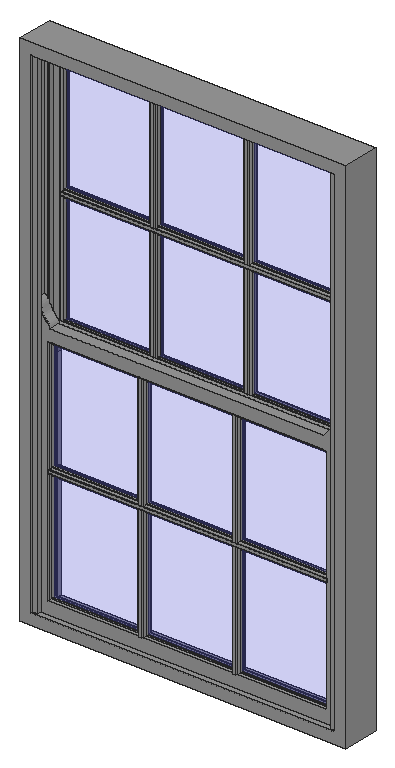
Revit family "HMEL6SP", category Windows, host Wall, Revit 2015
Parameters (values of type "HMEL6SP")
  Height = 2000 mm
  Default Lintel Height = 2100 mm
  Wall Closure = By host
  Width = 1250 mm
Reference planes
  plane 1 "Center (Front/Back)": y = 0
  plane 2 "Center (Left/Right)": x = 0
  plane 3 "Left": x = -625
  plane 4 "Right": x = 625
  plane 5 "Sill": z = 100
  plane 6 "Head": z = 2100
  plane 7 "Exterior": y = 100
  plane 8 "Interior": y = -100
  plane 9: y = -28.5
  plane 10: y = 23.5
  plane 11: z = 1100
  plane 12: z = 1128.5
  plane 13: z = 1071.5
Forms (mm)
  Sweep 1, solid, material "Lauan, Meranti"
    path origin (-10500, 23.5, 2100) x (0, 0, -1) y (-1, 0, 0)
      loop
        line (0, -11125) -> (2000, -11125) -> (2000, -9875) -> (0, -9875) -> (0, -11125)
    profile origin (0, 23.5, 2100) x (0, 0, 1) y (0, 1, 0)
      loop
        line (0, 46.5) -> (-42, 46.5) -> (-42, -93.5) -> (0, -93.5) -> (0, 46.5)
  Extrusion 2, solid, material "Lauan, Meranti"
    sketch origin (-10450, 7.5, 1562.5) x (0, 0, -1) y (-1, 0, 0)
      loop
        line (491, -10976) -> (491, -11033) -> (576, -11033)
        spline (576, -11033) -> (568.022, -11020.331) -> (558.494, -11013.581) -> (548.752, -11010.386) -> (540.116, -11008.399) -> (533.202, -11006.197) -> (527.644, -11003.636) -> (523.005, -11000.669) -> (518.783, -10997.149) -> (514.297, -10992.644) -> (508.83, -10986.691) -> (501.472, -10980.147) -> (491, -10976)
      loop
        spline (491, -9924) -> (501.472, -9919.853) -> (508.83, -9913.309) -> (514.297, -9907.356) -> (518.783, -9902.851) -> (523.005, -9899.331) -> (527.644, -9896.364) -> (533.202, -9893.803) -> (540.116, -9891.601) -> (548.752, -9889.614) -> (558.494, -9886.419) -> (568.022, -9879.669) -> (576, -9867)
        line (576, -9867) -> (491, -9867) -> (491, -9924)
    from 0 to 42
  Extrusion 3, solid, material "Lauan, Meranti"
    sketch origin (-10450, -49.5, 637.5) x (0, 0, 1) y (1, 0, 0)
      loop
        spline (491, 10976) -> (501.472, 10980.147) -> (508.83, 10986.691) -> (514.297, 10992.644) -> (518.783, 10997.149) -> (523.005, 11000.669) -> (527.644, 11003.636) -> (533.202, 11006.197) -> (540.116, 11008.399) -> (548.752, 11010.386) -> (558.494, 11013.581) -> (568.022, 11020.331) -> (576, 11033)
        line (576, 11033) -> (491, 11033) -> (491, 10976)
      loop
        line (491, 9924) -> (491, 9867) -> (576, 9867)
        spline (576, 9867) -> (568.022, 9879.669) -> (558.494, 9886.419) -> (548.752, 9889.614) -> (540.116, 9891.601) -> (533.202, 9893.803) -> (527.644, 9896.364) -> (523.005, 9899.331) -> (518.783, 9902.851) -> (514.297, 9907.356) -> (508.83, 9913.309) -> (501.472, 9919.853) -> (491, 9924)
    from 0 to 42
  Extrusion 4, solid, material "Lauan, Meranti"
    sketch origin (-350, 0, -550) x (0, -1, 0) y (0, 0, 1)
      loop
        line (7.5, 1678.5) -> (-7.5, 1678.5) -> (-7.5, 1659.5) -> (-4.5, 1659.5) -> (-4.5, 1656.5) -> (7.5, 1656.5) -> (7.5, 1672) -> (0.5, 1672) -> (0.5, 1675) -> (7.5, 1675) -> (7.5, 1678.5)
    from 211 to -911
  Sweep 5, solid, material "Lauan, Meranti"
    path origin (-10399.837, 31, 2104.007) x (0, 0, -1) y (-1, 0, 0)
      loop
        line (46.007, -10982.837) -> (1032.507, -10982.837) -> (1032.507, -9816.837) -> (46.007, -9816.837) -> (46.007, -10982.837)
    profile origin (0, 31, 2058) x (0, 0, 1) y (0, 1, 0)
      loop
        line (-48, 18.5) -> (-48, -6.5) -> (-57, -6.5) -> (-57, -14.499) -> (-53.996, -14.499)
        arc (-53.996, -14.499) -> (-52.238, -18.744) -> (-47.994, -20.502) r 6.002
        line (-47.994, -20.502) -> (-47.994, -23.5) -> (0, -23.5) -> (0, 18.5) -> (-48, 18.5)
  Sweep 6, solid, material "Lauan, Meranti"
    path origin (-10404.727, 16, 1888.176) x (0, 0, -1) y (-1, 0, 0)
      loop
        line (759.676, -10987.727) -> (1746.176, -10987.727) -> (1746.176, -9821.727) -> (759.676, -9821.727) -> (759.676, -10987.727)
    profile origin (0, 16, 1128.5) x (0, 0, 1) y (0, 1, 0)
      loop
        line (0, -65.5) -> (0, -23.5) -> (-48, -23.5) -> (-48, -48.5) -> (-57, -48.5) -> (-57, -56.499) -> (-53.996, -56.499)
        arc (-53.996, -56.499) -> (-52.238, -60.744) -> (-47.994, -62.502) r 6.002
        line (-47.994, -62.502) -> (-47.994, -65.5) -> (0, -65.5)
  Extrusion 7, solid, material "Lauan, Meranti"
    sketch origin (-4.429, 187.242, 743.618) x (1, 0, 0) y (0, 1, 0)
      loop
        line (565.429, -194.742) -> (568.929, -194.742) -> (568.929, -187.742) -> (571.929, -187.742) -> (571.929, -194.742) -> (587.429, -194.742) -> (587.429, -182.742) -> (584.429, -182.742) -> (584.429, -179.742) -> (565.429, -179.742) -> (565.429, -194.742)
      loop
        line (565.429, -236.742) -> (565.429, -251.742) -> (584.429, -251.742) -> (584.429, -248.742) -> (587.429, -248.742) -> (587.429, -236.742) -> (571.929, -236.742) -> (571.929, -243.742) -> (568.929, -243.742) -> (568.929, -236.742) -> (565.429, -236.742)
      loop
        line (-556.571, -194.742) -> (-556.571, -179.742) -> (-575.571, -179.742) -> (-575.571, -182.742) -> (-578.571, -182.742) -> (-578.571, -194.742) -> (-563.071, -194.742) -> (-563.071, -187.742) -> (-560.071, -187.742) -> (-560.071, -194.742) -> (-556.571, -194.742)
      loop
        line (-556.571, -236.742) -> (-560.071, -236.742) -> (-560.071, -243.742) -> (-563.071, -243.742) -> (-563.071, -236.742) -> (-578.571, -236.742) -> (-578.571, -248.742) -> (-575.571, -248.742) -> (-575.571, -251.742) -> (-556.571, -251.742) -> (-556.571, -236.742)
    from -601.618 to 1314.382
  Extrusion 8, solid, material "Lauan, Meranti"
    sketch origin (225, 26, 2.963) x (1, 0, 0) y (0, 1, 0)
      loop
        line (-51, 23.5) -> (-51, -1.5) -> (-60, -1.5) -> (-60, -9.5) -> (-57, -9.5)
        arc (-57, -9.5) -> (-55.243, -13.743) -> (-51, -15.5) r 6
        line (-51, -15.5) -> (-51, -18.5) -> (-38, -18.5) -> (-38, -15.5)
        arc (-38, -15.5) -> (-33.757, -13.743) -> (-32, -9.5) r 6
        line (-32, -9.5) -> (-29, -9.5) -> (-29, -1.5) -> (-38, -1.5) -> (-38, 23.5) -> (-51, 23.5)
      loop
        line (-412, 23.5) -> (-412, -1.5) -> (-421, -1.5) -> (-421, -9.5) -> (-418, -9.5)
        arc (-418, -9.5) -> (-416.243, -13.743) -> (-412, -15.5) r 6
        line (-412, -15.5) -> (-412, -18.5) -> (-399, -18.5) -> (-399, -15.5)
        arc (-399, -15.5) -> (-394.757, -13.743) -> (-393, -9.5) r 6
        line (-393, -9.5) -> (-390, -9.5) -> (-390, -1.5) -> (-399, -1.5) -> (-399, 23.5) -> (-412, 23.5)
    from 1568.287 to 2007.037
  Extrusion 9, solid, material "Glass"
    sketch origin (-10275, 24.5, 1906.25) x (0, 0, -1) y (-1, 0, 0)
      loop
        line (-103.75, -10810) -> (335, -10810) -> (335, -10462) -> (-103.75, -10462) -> (-103.75, -10810)
      loop
        line (-103.75, -10449) -> (335, -10449) -> (335, -10101) -> (-103.75, -10101) -> (-103.75, -10449)
      loop
        line (-103.75, -10088) -> (335, -10088) -> (335, -9740) -> (-103.75, -9740) -> (-103.75, -10088)
      loop
        line (348, -10810) -> (786.75, -10810) -> (786.75, -10462) -> (348, -10462) -> (348, -10810)
      loop
        line (348, -10449) -> (786.75, -10449) -> (786.75, -10101) -> (348, -10101) -> (348, -10449)
      loop
        line (348, -10088) -> (786.75, -10088) -> (786.75, -9740) -> (348, -9740) -> (348, -10088)
    from 0 to 6.4
  Sweep 10, solid, material "Lauan, Meranti"
    path origin (251.75, 107.5, -336.401) x (1, 0, 0) y (0, 0, 1)
      loop
        line (283.25, 2346.401) -> (-64.75, 2346.401) -> (-64.75, 1907.651) -> (283.25, 1907.651) -> (283.25, 2346.401)
    profile origin (361, 107.5, 2010) x (0, 0, -1) y (0, -1, 0)
      loop
        arc (0, 68.6) -> (4.67, 70.234) -> (7, 74.6) r 6.807
        line (7, 74.6) -> (9, 74.6) -> (9, 76.6) -> (0, 76.6) -> (0, 68.6)
  Extrusion 11, solid, material "Lauan, Meranti"
    sketch origin (1720.5, 26, 1564.75) x (0, 0, 1) y (0, 1, 0)
      loop
        line (-6.5, 23.5) -> (-6.5, -1.5) -> (-15.5, -1.5) -> (-15.5, -9.5) -> (-12.5, -9.5)
        arc (-12.5, -9.5) -> (-10.743, -13.743) -> (-6.5, -15.5) r 6
        line (-6.5, -15.5) -> (-6.5, -18.5) -> (6.5, -18.5) -> (6.5, -15.5)
        arc (6.5, -15.5) -> (10.743, -13.743) -> (12.5, -9.5) r 6
        line (12.5, -9.5) -> (15.5, -9.5) -> (15.5, -1.5) -> (6.5, -1.5) -> (6.5, 23.5) -> (-6.5, 23.5)
    from 1185.5 to 2255.5
  Extrusion 12, solid, material "Lauan, Meranti"
    sketch origin (225, 26, -342.037) x (1, 0, 0) y (0, 1, 0)
      loop
        line (-51, 23.5) -> (-51, -1.5) -> (-60, -1.5) -> (-60, -9.5) -> (-57, -9.5)
        arc (-57, -9.5) -> (-55.243, -13.743) -> (-51, -15.5) r 6
        line (-51, -15.5) -> (-51, -18.5) -> (-38, -18.5) -> (-38, -15.5)
        arc (-38, -15.5) -> (-33.757, -13.743) -> (-32, -9.5) r 6
        line (-32, -9.5) -> (-29, -9.5) -> (-29, -1.5) -> (-38, -1.5) -> (-38, 23.5) -> (-51, 23.5)
      loop
        line (-412, 23.5) -> (-412, -1.5) -> (-421, -1.5) -> (-421, -9.5) -> (-418, -9.5)
        arc (-418, -9.5) -> (-416.243, -13.743) -> (-412, -15.5) r 6
        line (-412, -15.5) -> (-412, -18.5) -> (-399, -18.5) -> (-399, -15.5)
        arc (-399, -15.5) -> (-394.757, -13.743) -> (-393, -9.5) r 6
        line (-393, -9.5) -> (-390, -9.5) -> (-390, -1.5) -> (-399, -1.5) -> (-399, 23.5) -> (-412, 23.5)
    from 1461.537 to 1900.287
  Sweep 13, solid, material "Lauan, Meranti"
    path origin (-59.25, 107.5, -336.401) x (1, 0, 0) y (0, 0, 1)
      loop
        line (233.25, 2346.401) -> (-114.75, 2346.401) -> (-114.75, 1907.651) -> (233.25, 1907.651) -> (233.25, 2346.401)
    profile origin (0, 107.5, 2010) x (0, 0, -1) y (0, -1, 0)
      loop
        arc (0, 68.6) -> (4.67, 70.234) -> (7, 74.6) r 6.807
        line (7, 74.6) -> (9, 74.6) -> (9, 76.6) -> (0, 76.6) -> (0, 68.6)
  Sweep 14, solid, material "Lauan, Meranti"
    path origin (-370.25, 107.5, -336.401) x (1, 0, 0) y (0, 0, 1)
      loop
        line (183.25, 2346.401) -> (-164.75, 2346.401) -> (-164.75, 1907.651) -> (183.25, 1907.651) -> (183.25, 2346.401)
    profile origin (-361, 107.5, 2010) x (0, 0, -1) y (0, -1, 0)
      loop
        arc (0, 68.6) -> (4.67, 70.234) -> (7, 74.6) r 6.807
        line (7, 74.6) -> (9, 74.6) -> (9, 76.6) -> (0, 76.6) -> (0, 68.6)
  Sweep 15, solid, material "Lauan, Meranti"
    path origin (251.75, 107.5, -681.901) x (1, 0, 0) y (0, 0, 1)
      loop
        line (283.25, 2240.151) -> (-64.75, 2240.151) -> (-64.75, 1801.401) -> (283.25, 1801.401) -> (283.25, 2240.151)
    profile origin (361, 107.5, 1558.25) x (0, 0, -1) y (0, -1, 0)
      loop
        arc (0, 68.6) -> (4.67, 70.234) -> (7, 74.6) r 6.807
        line (7, 74.6) -> (9, 74.6) -> (9, 76.6) -> (0, 76.6) -> (0, 68.6)
  Sweep 16, solid, material "Lauan, Meranti"
    path origin (-59.25, 107.5, -681.901) x (1, 0, 0) y (0, 0, 1)
      loop
        line (233.25, 2240.151) -> (-114.75, 2240.151) -> (-114.75, 1801.401) -> (233.25, 1801.401) -> (233.25, 2240.151)
    profile origin (0, 107.5, 1558.25) x (0, 0, -1) y (0, -1, 0)
      loop
        arc (0, 68.6) -> (4.67, 70.234) -> (7, 74.6) r 6.807
        line (7, 74.6) -> (9, 74.6) -> (9, 76.6) -> (0, 76.6) -> (0, 68.6)
  Sweep 17, solid, material "Lauan, Meranti"
    path origin (-370.25, 107.5, -681.901) x (1, 0, 0) y (0, 0, 1)
      loop
        line (183.25, 2240.151) -> (-164.75, 2240.151) -> (-164.75, 1801.401) -> (183.25, 1801.401) -> (183.25, 2240.151)
    profile origin (-361, 107.5, 1558.25) x (0, 0, -1) y (0, -1, 0)
      loop
        arc (0, 68.6) -> (4.67, 70.234) -> (7, 74.6) r 6.807
        line (7, 74.6) -> (9, 74.6) -> (9, 76.6) -> (0, 76.6) -> (0, 68.6)
  Extrusion 18, solid, material "Lauan, Meranti"
    sketch origin (225, -31, -926.537) x (1, 0, 0) y (0, 1, 0)
      loop
        line (-51, 23.5) -> (-51, -1.5) -> (-60, -1.5) -> (-60, -9.5) -> (-57, -9.5)
        arc (-57, -9.5) -> (-55.243, -13.743) -> (-51, -15.5) r 6
        line (-51, -15.5) -> (-51, -18.5) -> (-38, -18.5) -> (-38, -15.5)
        arc (-38, -15.5) -> (-33.757, -13.743) -> (-32, -9.5) r 6
        line (-32, -9.5) -> (-29, -9.5) -> (-29, -1.5) -> (-38, -1.5) -> (-38, 23.5) -> (-51, 23.5)
      loop
        line (-412, 23.5) -> (-412, -1.5) -> (-421, -1.5) -> (-421, -9.5) -> (-418, -9.5)
        arc (-418, -9.5) -> (-416.243, -13.743) -> (-412, -15.5) r 6
        line (-412, -15.5) -> (-412, -18.5) -> (-399, -18.5) -> (-399, -15.5)
        arc (-399, -15.5) -> (-394.757, -13.743) -> (-393, -9.5) r 6
        line (-393, -9.5) -> (-390, -9.5) -> (-390, -1.5) -> (-399, -1.5) -> (-399, 23.5) -> (-412, 23.5)
    from 1568.287 to 2007.037
  Extrusion 19, solid, material "Glass"
    sketch origin (-10275, -32.5, 976.75) x (0, 0, -1) y (-1, 0, 0)
      loop
        line (-103.75, -10810) -> (335, -10810) -> (335, -10462) -> (-103.75, -10462) -> (-103.75, -10810)
      loop
        line (-103.75, -10449) -> (335, -10449) -> (335, -10101) -> (-103.75, -10101) -> (-103.75, -10449)
      loop
        line (-103.75, -10088) -> (335, -10088) -> (335, -9740) -> (-103.75, -9740) -> (-103.75, -10088)
      loop
        line (348, -10810) -> (786.75, -10810) -> (786.75, -10462) -> (348, -10462) -> (348, -10810)
      loop
        line (348, -10449) -> (786.75, -10449) -> (786.75, -10101) -> (348, -10101) -> (348, -10449)
      loop
        line (348, -10088) -> (786.75, -10088) -> (786.75, -9740) -> (348, -9740) -> (348, -10088)
    from 0 to 6.4
  Sweep 20, solid, material "Lauan, Meranti"
    path origin (251.75, 50.5, -1265.901) x (1, 0, 0) y (0, 0, 1)
      loop
        line (283.25, 2346.401) -> (-64.75, 2346.401) -> (-64.75, 1907.651) -> (283.25, 1907.651) -> (283.25, 2346.401)
    profile origin (361, 50.5, 1080.5) x (0, 0, -1) y (0, -1, 0)
      loop
        arc (0, 68.6) -> (4.67, 70.234) -> (7, 74.6) r 6.807
        line (7, 74.6) -> (9, 74.6) -> (9, 76.6) -> (0, 76.6) -> (0, 68.6)
  Extrusion 21, solid, material "Lauan, Meranti"
    sketch origin (1720.5, -31, 635.25) x (0, 0, 1) y (0, 1, 0)
      loop
        line (-6.5, 23.5) -> (-6.5, -1.5) -> (-15.5, -1.5) -> (-15.5, -9.5) -> (-12.5, -9.5)
        arc (-12.5, -9.5) -> (-10.743, -13.743) -> (-6.5, -15.5) r 6
        line (-6.5, -15.5) -> (-6.5, -18.5) -> (6.5, -18.5) -> (6.5, -15.5)
        arc (6.5, -15.5) -> (10.743, -13.743) -> (12.5, -9.5) r 6
        line (12.5, -9.5) -> (15.5, -9.5) -> (15.5, -1.5) -> (6.5, -1.5) -> (6.5, 23.5) -> (-6.5, 23.5)
    from 1185.5 to 2255.5
  Extrusion 22, solid, material "Lauan, Meranti"
    sketch origin (225, -31, -1271.537) x (1, 0, 0) y (0, 1, 0)
      loop
        line (-51, 23.5) -> (-51, -1.5) -> (-60, -1.5) -> (-60, -9.5) -> (-57, -9.5)
        arc (-57, -9.5) -> (-55.243, -13.743) -> (-51, -15.5) r 6
        line (-51, -15.5) -> (-51, -18.5) -> (-38, -18.5) -> (-38, -15.5)
        arc (-38, -15.5) -> (-33.757, -13.743) -> (-32, -9.5) r 6
        line (-32, -9.5) -> (-29, -9.5) -> (-29, -1.5) -> (-38, -1.5) -> (-38, 23.5) -> (-51, 23.5)
      loop
        line (-412, 23.5) -> (-412, -1.5) -> (-421, -1.5) -> (-421, -9.5) -> (-418, -9.5)
        arc (-418, -9.5) -> (-416.243, -13.743) -> (-412, -15.5) r 6
        line (-412, -15.5) -> (-412, -18.5) -> (-399, -18.5) -> (-399, -15.5)
        arc (-399, -15.5) -> (-394.757, -13.743) -> (-393, -9.5) r 6
        line (-393, -9.5) -> (-390, -9.5) -> (-390, -1.5) -> (-399, -1.5) -> (-399, 23.5) -> (-412, 23.5)
    from 1461.537 to 1900.287
  Sweep 23, solid, material "Lauan, Meranti"
    path origin (-59.25, 50.5, -1265.901) x (1, 0, 0) y (0, 0, 1)
      loop
        line (233.25, 2346.401) -> (-114.75, 2346.401) -> (-114.75, 1907.651) -> (233.25, 1907.651) -> (233.25, 2346.401)
    profile origin (0, 50.5, 1080.5) x (0, 0, -1) y (0, -1, 0)
      loop
        arc (0, 68.6) -> (4.67, 70.234) -> (7, 74.6) r 6.807
        line (7, 74.6) -> (9, 74.6) -> (9, 76.6) -> (0, 76.6) -> (0, 68.6)
  Sweep 24, solid, material "Lauan, Meranti"
    path origin (-370.25, 50.5, -1265.901) x (1, 0, 0) y (0, 0, 1)
      loop
        line (183.25, 2346.401) -> (-164.75, 2346.401) -> (-164.75, 1907.651) -> (183.25, 1907.651) -> (183.25, 2346.401)
    profile origin (-361, 50.5, 1080.5) x (0, 0, -1) y (0, -1, 0)
      loop
        arc (0, 68.6) -> (4.67, 70.234) -> (7, 74.6) r 6.807
        line (7, 74.6) -> (9, 74.6) -> (9, 76.6) -> (0, 76.6) -> (0, 68.6)
  Sweep 25, solid, material "Lauan, Meranti"
    path origin (251.75, 50.5, -1611.401) x (1, 0, 0) y (0, 0, 1)
      loop
        line (283.25, 2240.151) -> (-64.75, 2240.151) -> (-64.75, 1801.401) -> (283.25, 1801.401) -> (283.25, 2240.151)
    profile origin (361, 50.5, 628.75) x (0, 0, -1) y (0, -1, 0)
      loop
        arc (0, 68.6) -> (4.67, 70.234) -> (7, 74.6) r 6.807
        line (7, 74.6) -> (9, 74.6) -> (9, 76.6) -> (0, 76.6) -> (0, 68.6)
  Sweep 26, solid, material "Lauan, Meranti"
    path origin (-59.25, 50.5, -1611.401) x (1, 0, 0) y (0, 0, 1)
      loop
        line (233.25, 2240.151) -> (-114.75, 2240.151) -> (-114.75, 1801.401) -> (233.25, 1801.401) -> (233.25, 2240.151)
    profile origin (0, 50.5, 628.75) x (0, 0, -1) y (0, -1, 0)
      loop
        arc (0, 68.6) -> (4.67, 70.234) -> (7, 74.6) r 6.807
        line (7, 74.6) -> (9, 74.6) -> (9, 76.6) -> (0, 76.6) -> (0, 68.6)
  Sweep 27, solid, material "Lauan, Meranti"
    path origin (-370.25, 50.5, -1611.401) x (1, 0, 0) y (0, 0, 1)
      loop
        line (183.25, 2240.151) -> (-164.75, 2240.151) -> (-164.75, 1801.401) -> (183.25, 1801.401) -> (183.25, 2240.151)
    profile origin (-361, 50.5, 628.75) x (0, 0, -1) y (0, -1, 0)
      loop
        arc (0, 68.6) -> (4.67, 70.234) -> (7, 74.6) r 6.807
        line (7, 74.6) -> (9, 74.6) -> (9, 76.6) -> (0, 76.6) -> (0, 68.6)
Cuts and joins
  joined: Extrusion 2, Sweep 5
  joined: Extrusion 3, Sweep 6
Lines and regions (mm)
  Opening 1
    outline origin (3500, -100, 0) x (1, 0, 0) y (0, 0, 1)
      loop
        line (-2875, 100) -> (-2875, 2100) -> (-4125, 2100) -> (-4125, 100) -> (-2875, 100)
  model lines
    curve 1: line (583, 49.5, 2058) -> (0, 49.5, 1071.5)
    curve 2: line (-583, 49.5, 2058) -> (0, 49.5, 1071.5)
    curve 3: line (-361, -7.5, 307.422) -> (-361, -7.5, 832.422)
    curve 4: line (-361, -7.5, 971.5) -> (-304.809, -7.5, 832.422)
    curve 5: line (-304.809, -7.5, 832.422) -> (-417.191, -7.5, 832.422)
    curve 6: line (-361, -7.5, 971.5) -> (-417.191, -7.5, 832.422)
Text (mm)
  text "EXTERIOR" at (-1963.203, 1332.353, 0), in view "Ref. Level"
  text "INTERIOR" at (-1981.466, -818.386, 0), in view "Ref. Level"
  text "Exterior" at (0, 923.751, 2943.296), in view "Right"
  text "Exterior" at (0, 1040.484, 2685.409), in view "Left"
Dimensions and locks
  equal spacing: plane 3 "Left", plane 2 "Center (Left/Right)", plane 4 "Right"
  "Width": plane 3 "Left" to plane 4 "Right"
  "Height": plane 5 "Sill" to plane 6 "Head"
  "Default Lintel Height": plane 6 "Head" to level
  locked: plane 7 "Exterior" to host wall at 0
  locked: plane 8 "Interior" to host wall
  locked: plane 10 to plane 9 at 52
  plane 3 "Left" to plane 4 "Right" = 1250 mm
  aligned and locked: Sweep 1 sketch curve to host wall  (x4)
  aligned and locked: Sweep 6 sketch curve to Sweep 1  (x2)
  aligned and locked: Sweep 1 to Sweep 6 sketch curve
  aligned and locked: Sweep 6 sketch curve to plane 12
  aligned and locked: Extrusion 7 to Sweep 1  (x2)
  aligned and locked: Sweep 5 sketch curve to plane 13
  aligned and locked: Sweep 5 sketch curve to Sweep 1  (x2)
  aligned and locked: Sweep 1 to Sweep 5 sketch curve
  aligned and locked: Extrusion 9 sketch curve to Extrusion 8  (x3)
  aligned and locked: Extrusion 9 sketch curve to Extrusion 11  (x2)
  aligned and locked: Extrusion 9 sketch curve to Extrusion 9 sketch curve  (x4)
  aligned and locked: Extrusion 9 to Sweep 10 sketch curve
  aligned and locked: Extrusion 9 to Sweep 13 sketch curve
  aligned and locked: Extrusion 9 to Sweep 14 sketch curve
  aligned and locked: Sweep 15 sketch curve to Extrusion 9
  aligned and locked: Extrusion 9 to Sweep 16 sketch curve
  aligned and locked: Extrusion 9 to Sweep 17 sketch curve
  aligned and locked: Extrusion 9 sketch curve to Extrusion 12  (x2)
  aligned and locked: Extrusion 8 to Extrusion 9 sketch curve
  aligned and locked: Sweep 14 sketch curve to Extrusion 8
  aligned and locked: Sweep 13 sketch curve to Extrusion 8  (x2)
  aligned and locked: Sweep 10 sketch curve to Extrusion 8
  aligned and locked: Extrusion 19 sketch curve to Extrusion 18  (x3)
  aligned and locked: Extrusion 19 sketch curve to Extrusion 21  (x2)
  aligned and locked: Extrusion 19 sketch curve to Extrusion 19 sketch curve  (x4)
  aligned and locked: Extrusion 19 to Sweep 20 sketch curve
  aligned and locked: Extrusion 19 to Sweep 23 sketch curve
  aligned and locked: Extrusion 19 to Sweep 24 sketch curve
  aligned and locked: Sweep 25 sketch curve to Extrusion 19
  aligned and locked: Extrusion 19 to Sweep 26 sketch curve
  aligned and locked: Extrusion 19 to Sweep 27 sketch curve
  aligned and locked: Extrusion 19 sketch curve to Extrusion 22  (x2)
  aligned and locked: Extrusion 18 to Extrusion 19 sketch curve
  aligned and locked: Sweep 24 sketch curve to Extrusion 18
  aligned and locked: Sweep 23 sketch curve to Extrusion 18  (x2)
  aligned and locked: Sweep 20 sketch curve to Extrusion 18
Automatic sketch dimensions
  plane 3 "Left" to Opening 1 sketch curve = 0 mm
  plane 4 "Right" to Opening 1 sketch curve = 0 mm
  Opening 1 sketch curve to plane 5 "Sill" = 0 mm
  Opening 1 sketch curve to plane 6 "Head" = 0 mm
  profile plane to Sweep 1 sketch curve = 0 mm
  profile plane to Sweep 1 sketch curve = 42 mm
  Sweep 1 sketch curve to plane 10 = 93.5 mm
  plane 10 to Sweep 1 sketch curve = 46.5 mm
  plane 2 "Center (Left/Right)" to curve 1 = 0 mm
  curve 1 to plane 13 = 0 mm
  curve 2 to plane 3 "Left" = 42 mm
  plane 4 "Right" to curve 1 = 42 mm
  plane 6 "Head" to curve 1 = 42 mm
  plane 6 "Head" to curve 2 = 42 mm
  plane 13 to curve 6 = 100 mm
  curve 4 to curve 5 = 139.078 mm
  curve 5 to plane 3 "Left" = 207.809 mm
  curve 5 to curve 6 = 56.191 mm
  curve 5 to curve 5 = 112.382 mm
  curve 3 to plane 5 "Sill" = 207.422 mm
  curve 3 to curve 4 = 56.191 mm
  Extrusion 2 sketch curve to plane 13 = 0 mm  (x2)
  Extrusion 2 sketch curve to plane 3 "Left" = 42 mm
  plane 13 to Extrusion 2 sketch curve = 85 mm  (x2)
  plane 4 "Right" to Extrusion 2 sketch curve = 42 mm
  Extrusion 2 sketch curve to Extrusion 2 sketch curve = 57 mm  (x2)
  Extrusion 3 sketch curve to plane 12 = 0 mm  (x2)
  Extrusion 3 sketch curve to plane 3 "Left" = 42 mm
  Extrusion 3 sketch curve to Extrusion 3 sketch curve = 85 mm  (x2)
  plane 4 "Right" to Extrusion 3 sketch curve = 42 mm
  Extrusion 3 sketch curve to Extrusion 3 sketch curve = 57 mm  (x2)
  Extrusion 4 sketch curve to plane 12 = 0 mm
  Extrusion 4 sketch curve to host wall = 7.5 mm
  Extrusion 4 sketch curve to Extrusion 4 sketch curve = 3 mm  (x2)
  host wall to Extrusion 4 sketch curve = 0.5 mm
  Extrusion 4 sketch curve to Extrusion 4 sketch curve = 7 mm
  host wall to Extrusion 4 sketch curve = 7.5 mm
  Extrusion 4 sketch curve to plane 12 = 3.5 mm
  plane 11 to Extrusion 4 sketch curve = 9.5 mm
  plane 11 to Extrusion 4 sketch curve = 6.5 mm
  profile plane to Sweep 5 sketch curve = 0 mm
  Sweep 5 sketch curve to profile plane = 23.5 mm
  Sweep 5 sketch curve to Sweep 5 sketch curve = 47.994 mm
  Sweep 5 sketch curve to Sweep 5 sketch curve = 0.006 mm
  Sweep 5 sketch curve to Sweep 5 sketch curve = 6.002 mm
  Sweep 5 sketch curve to Sweep 5 sketch curve = 3.004 mm
  Sweep 5 sketch curve to Sweep 5 sketch curve = 2.998 mm
  Sweep 5 sketch curve to profile plane = 6.5 mm
  profile plane to Sweep 5 sketch curve = 18.5 mm
  profile plane to Sweep 6 sketch curve = 0 mm
  Sweep 6 sketch curve to Sweep 6 sketch curve = 47.994 mm
  Sweep 6 sketch curve to Sweep 6 sketch curve = 0.006 mm
  Sweep 6 sketch curve to Sweep 6 sketch curve = 6.002 mm
  Sweep 6 sketch curve to Sweep 6 sketch curve = 3.004 mm
  Sweep 6 sketch curve to profile plane = 65.5 mm
  Sweep 6 sketch curve to Sweep 6 sketch curve = 2.998 mm
  Sweep 6 sketch curve to Sweep 6 sketch curve = 7.999 mm
  Sweep 6 sketch curve to profile plane = 23.5 mm
  Extrusion 7 sketch curve to plane 3 "Left" = 42 mm
  host wall to Extrusion 7 sketch curve = 7.5 mm  (x2)
  Extrusion 7 sketch curve to Extrusion 7 sketch curve = 0 mm  (x5)
  Extrusion 7 sketch curve to Extrusion 7 sketch curve = 3 mm  (x11)
  Extrusion 7 sketch curve to Extrusion 7 sketch curve = 15.5 mm  (x2)
  host wall to Extrusion 7 sketch curve = 0.5 mm  (x2)
  Extrusion 7 sketch curve to Extrusion 7 sketch curve = 3.5 mm  (x4)
  plane 4 "Right" to Extrusion 7 sketch curve = 64 mm
  Extrusion 7 sketch curve to plane 9 = 21 mm
  Extrusion 7 sketch curve to Extrusion 7 sketch curve = 12.5 mm  (x2)
  Extrusion 7 sketch curve to host wall = 4.5 mm  (x2)
  Extrusion 7 sketch curve to Extrusion 7 sketch curve = 7 mm  (x2)
  Extrusion 7 sketch curve to plane 9 = 28 mm
  Extrusion 7 sketch curve to Extrusion 7 sketch curve = 5 mm  (x2)
  Extrusion 7 sketch curve to Extrusion 7 sketch curve = 12 mm
  Extrusion 7 sketch curve to host wall = 7.5 mm
  plane 10 to Extrusion 8 sketch curve = 1 mm  (x4)
  plane 2 "Center (Left/Right)" to Extrusion 8 sketch curve = 196 mm
  Extrusion 8 sketch curve to Extrusion 8 sketch curve = 3 mm  (x8)
  Extrusion 8 sketch curve to Extrusion 8 sketch curve = 9 mm  (x2)
  Extrusion 8 sketch curve to Extrusion 8 sketch curve = 6 mm  (x4)
  Extrusion 8 sketch curve to Extrusion 8 sketch curve = 13 mm  (x4)
  Extrusion 8 sketch curve to plane 10 = 7 mm
  Extrusion 8 sketch curve to plane 2 "Center (Left/Right)" = 165 mm
  Extrusion 8 sketch curve to host wall = 10.5 mm
  Extrusion 8 sketch curve to Extrusion 8 sketch curve = 25 mm  (x2)
  plane 6 "Head" to Extrusion 9 sketch curve = 90 mm  (x2)
  Extrusion 9 sketch curve to Extrusion 9 sketch curve = 0 mm  (x3)
  Extrusion 9 sketch curve to Extrusion 9 sketch curve = 13 mm  (x2)
  Extrusion 9 sketch curve to plane 12 = 9 mm  (x3)
  plane 4 "Right" to Extrusion 9 sketch curve = 90 mm
  Extrusion 9 sketch curve to plane 3 "Left" = 90 mm
  plane 4 "Right" to Sweep 10 sketch curve = 90 mm
  plane 6 "Head" to Sweep 10 sketch curve = 90 mm
  Sweep 10 sketch curve to profile plane = 0 mm
  Sweep 10 sketch curve to profile plane = 0.241 mm
  Sweep 10 sketch curve to Sweep 10 sketch curve = 6.759 mm
  Sweep 10 sketch curve to Sweep 10 sketch curve = 2 mm  (x2)
  profile plane to Sweep 10 sketch curve = 68.6 mm
  Sweep 10 sketch curve to Sweep 10 sketch curve = 6 mm
  Extrusion 11 sketch curve to plane 10 = 7 mm
  plane 12 to Extrusion 11 sketch curve = 420.75 mm
  Extrusion 11 sketch curve to Extrusion 11 sketch curve = 3 mm  (x3)
  plane 10 to Extrusion 11 sketch curve = 1 mm  (x2)
  Extrusion 11 sketch curve to Extrusion 11 sketch curve = 9 mm
  Extrusion 11 sketch curve to Extrusion 11 sketch curve = 6 mm  (x2)
  Extrusion 11 sketch curve to Extrusion 11 sketch curve = 13 mm  (x2)
  Extrusion 11 sketch curve to host wall = 10.5 mm
  Extrusion 11 sketch curve to Extrusion 11 sketch curve = 25 mm
  plane 10 to Extrusion 12 sketch curve = 1 mm  (x4)
  plane 2 "Center (Left/Right)" to Extrusion 12 sketch curve = 196 mm
  Extrusion 12 sketch curve to Extrusion 12 sketch curve = 3 mm  (x8)
  Extrusion 12 sketch curve to Extrusion 12 sketch curve = 9 mm  (x2)
  Extrusion 12 sketch curve to Extrusion 12 sketch curve = 6 mm  (x4)
  Extrusion 12 sketch curve to Extrusion 12 sketch curve = 13 mm  (x4)
  Extrusion 12 sketch curve to plane 10 = 7 mm
  Extrusion 12 sketch curve to plane 2 "Center (Left/Right)" = 165 mm
  Extrusion 12 sketch curve to host wall = 10.5 mm
  Extrusion 12 sketch curve to Extrusion 12 sketch curve = 25 mm  (x2)
  plane 6 "Head" to Sweep 13 sketch curve = 90 mm
  Sweep 13 sketch curve to profile plane = 0 mm
  Sweep 13 sketch curve to profile plane = 0.241 mm
  Sweep 13 sketch curve to Sweep 13 sketch curve = 6.759 mm
  Sweep 13 sketch curve to Sweep 13 sketch curve = 2 mm  (x2)
  profile plane to Sweep 13 sketch curve = 68.6 mm
  Sweep 13 sketch curve to Sweep 13 sketch curve = 6 mm
  Sweep 14 sketch curve to plane 3 "Left" = 90 mm
  plane 6 "Head" to Sweep 14 sketch curve = 90 mm
  Sweep 14 sketch curve to profile plane = 0 mm
  Sweep 14 sketch curve to profile plane = 0.241 mm
  Sweep 14 sketch curve to Sweep 14 sketch curve = 6.759 mm
  Sweep 14 sketch curve to Sweep 14 sketch curve = 2 mm  (x2)
  profile plane to Sweep 14 sketch curve = 68.6 mm
  Sweep 14 sketch curve to Sweep 14 sketch curve = 6 mm
  Sweep 15 sketch curve to plane 2 "Center (Left/Right)" = 187 mm
  Sweep 15 sketch curve to plane 12 = 9 mm
  plane 4 "Right" to Sweep 15 sketch curve = 90 mm
  Sweep 15 sketch curve to profile plane = 0 mm
  Sweep 15 sketch curve to profile plane = 0.241 mm
  Sweep 15 sketch curve to Sweep 15 sketch curve = 6.759 mm
  Sweep 15 sketch curve to Sweep 15 sketch curve = 2 mm  (x2)
  profile plane to Sweep 15 sketch curve = 68.6 mm
  Sweep 15 sketch curve to Sweep 15 sketch curve = 6 mm
  plane 2 "Center (Left/Right)" to Sweep 16 sketch curve = 174 mm
  Sweep 16 sketch curve to plane 12 = 9 mm
  Sweep 16 sketch curve to plane 2 "Center (Left/Right)" = 174 mm
  Sweep 16 sketch curve to profile plane = 0 mm
  Sweep 16 sketch curve to profile plane = 0.241 mm
  Sweep 16 sketch curve to Sweep 16 sketch curve = 6.759 mm
  Sweep 16 sketch curve to Sweep 16 sketch curve = 2 mm  (x2)
  profile plane to Sweep 16 sketch curve = 68.6 mm
  Sweep 16 sketch curve to Sweep 16 sketch curve = 6 mm
  Sweep 17 sketch curve to plane 3 "Left" = 90 mm
  Sweep 17 sketch curve to plane 12 = 9 mm
  plane 2 "Center (Left/Right)" to Sweep 17 sketch curve = 187 mm
  Sweep 17 sketch curve to profile plane = 0 mm
  Sweep 17 sketch curve to profile plane = 0.241 mm
  Sweep 17 sketch curve to Sweep 17 sketch curve = 6.759 mm
  Sweep 17 sketch curve to Sweep 17 sketch curve = 2 mm  (x2)
  profile plane to Sweep 17 sketch curve = 68.6 mm
  Sweep 17 sketch curve to Sweep 17 sketch curve = 6 mm
  Extrusion 18 sketch curve to plane 9 = 4 mm  (x4)
  plane 2 "Center (Left/Right)" to Extrusion 18 sketch curve = 196 mm
  Extrusion 18 sketch curve to Extrusion 18 sketch curve = 3 mm  (x8)
  host wall to Extrusion 18 sketch curve = 7.5 mm  (x2)
  Extrusion 18 sketch curve to Extrusion 18 sketch curve = 9 mm  (x2)
  Extrusion 18 sketch curve to Extrusion 18 sketch curve = 6 mm  (x4)
  Extrusion 18 sketch curve to Extrusion 18 sketch curve = 13 mm  (x4)
  Extrusion 18 sketch curve to plane 9 = 12 mm
  Extrusion 18 sketch curve to plane 2 "Center (Left/Right)" = 165 mm
  Extrusion 18 sketch curve to plane 9 = 18 mm
  Extrusion 19 sketch curve to plane 13 = 9 mm  (x3)
  Extrusion 19 sketch curve to Extrusion 19 sketch curve = 13 mm  (x2)
  Extrusion 19 sketch curve to plane 5 "Sill" = 90 mm
  Extrusion 19 sketch curve to Extrusion 19 sketch curve = 0 mm  (x4)
  plane 4 "Right" to Extrusion 19 sketch curve = 90 mm
  Extrusion 19 sketch curve to plane 3 "Left" = 90 mm
  plane 4 "Right" to Sweep 20 sketch curve = 90 mm
  Sweep 20 sketch curve to plane 13 = 9 mm
  Sweep 20 sketch curve to profile plane = 0 mm
  Sweep 20 sketch curve to profile plane = 0.241 mm
  Sweep 20 sketch curve to Sweep 20 sketch curve = 6.759 mm
  Sweep 20 sketch curve to Sweep 20 sketch curve = 2 mm  (x2)
  profile plane to Sweep 20 sketch curve = 68.6 mm
  Sweep 20 sketch curve to Sweep 20 sketch curve = 6 mm
  Extrusion 21 sketch curve to plane 9 = 12 mm
  plane 13 to Extrusion 21 sketch curve = 451.75 mm
  Extrusion 21 sketch curve to Extrusion 21 sketch curve = 3 mm  (x3)
  Extrusion 21 sketch curve to plane 9 = 4 mm  (x2)
  Extrusion 21 sketch curve to Extrusion 21 sketch curve = 9 mm
  Extrusion 21 sketch curve to Extrusion 21 sketch curve = 6 mm  (x2)
  Extrusion 21 sketch curve to Extrusion 21 sketch curve = 13 mm  (x2)
  Extrusion 21 sketch curve to Extrusion 21 sketch curve = 0 mm
  host wall to Extrusion 21 sketch curve = 7.5 mm
  Extrusion 22 sketch curve to plane 9 = 4 mm  (x4)
  plane 2 "Center (Left/Right)" to Extrusion 22 sketch curve = 196 mm
  Extrusion 22 sketch curve to Extrusion 22 sketch curve = 3 mm  (x8)
  host wall to Extrusion 22 sketch curve = 7.5 mm  (x2)
  Extrusion 22 sketch curve to Extrusion 22 sketch curve = 9 mm  (x2)
  Extrusion 22 sketch curve to Extrusion 22 sketch curve = 6 mm  (x4)
  Extrusion 22 sketch curve to Extrusion 22 sketch curve = 13 mm  (x4)
  Extrusion 22 sketch curve to plane 9 = 12 mm
  Extrusion 22 sketch curve to plane 2 "Center (Left/Right)" = 165 mm
  Extrusion 22 sketch curve to plane 9 = 18 mm
  Sweep 23 sketch curve to plane 13 = 9 mm
  Sweep 23 sketch curve to profile plane = 0 mm
  Sweep 23 sketch curve to profile plane = 0.241 mm
  Sweep 23 sketch curve to Sweep 23 sketch curve = 6.759 mm
  Sweep 23 sketch curve to Sweep 23 sketch curve = 2 mm  (x2)
  profile plane to Sweep 23 sketch curve = 68.6 mm
  Sweep 23 sketch curve to Sweep 23 sketch curve = 6 mm
  Sweep 24 sketch curve to plane 3 "Left" = 90 mm
  Sweep 24 sketch curve to plane 13 = 9 mm
  Sweep 24 sketch curve to profile plane = 0 mm
  Sweep 24 sketch curve to profile plane = 0.241 mm
  Sweep 24 sketch curve to Sweep 24 sketch curve = 6.759 mm
  Sweep 24 sketch curve to Sweep 24 sketch curve = 2 mm  (x2)
  profile plane to Sweep 24 sketch curve = 68.6 mm
  Sweep 24 sketch curve to Sweep 24 sketch curve = 6 mm
  Sweep 25 sketch curve to plane 2 "Center (Left/Right)" = 187 mm
  plane 4 "Right" to Sweep 25 sketch curve = 90 mm
  Sweep 25 sketch curve to plane 5 "Sill" = 90 mm
  Sweep 25 sketch curve to profile plane = 0 mm
  Sweep 25 sketch curve to profile plane = 0.241 mm
  Sweep 25 sketch curve to Sweep 25 sketch curve = 6.759 mm
  Sweep 25 sketch curve to Sweep 25 sketch curve = 2 mm  (x2)
  profile plane to Sweep 25 sketch curve = 68.6 mm
  Sweep 25 sketch curve to Sweep 25 sketch curve = 6 mm
  plane 2 "Center (Left/Right)" to Sweep 26 sketch curve = 174 mm
  Sweep 26 sketch curve to plane 2 "Center (Left/Right)" = 174 mm
  Sweep 26 sketch curve to plane 5 "Sill" = 90 mm
  Sweep 26 sketch curve to profile plane = 0 mm
  Sweep 26 sketch curve to profile plane = 0.241 mm
  Sweep 26 sketch curve to Sweep 26 sketch curve = 6.759 mm
  Sweep 26 sketch curve to Sweep 26 sketch curve = 2 mm  (x2)
  profile plane to Sweep 26 sketch curve = 68.6 mm
  Sweep 26 sketch curve to Sweep 26 sketch curve = 6 mm
  Sweep 27 sketch curve to plane 3 "Left" = 90 mm
  Sweep 27 sketch curve to plane 5 "Sill" = 90 mm
  plane 2 "Center (Left/Right)" to Sweep 27 sketch curve = 187 mm
  Sweep 27 sketch curve to profile plane = 0 mm
  Sweep 27 sketch curve to profile plane = 0.241 mm
  Sweep 27 sketch curve to Sweep 27 sketch curve = 6.759 mm
  Sweep 27 sketch curve to Sweep 27 sketch curve = 2 mm  (x2)
  profile plane to Sweep 27 sketch curve = 68.6 mm
  Sweep 27 sketch curve to Sweep 27 sketch curve = 6 mm
